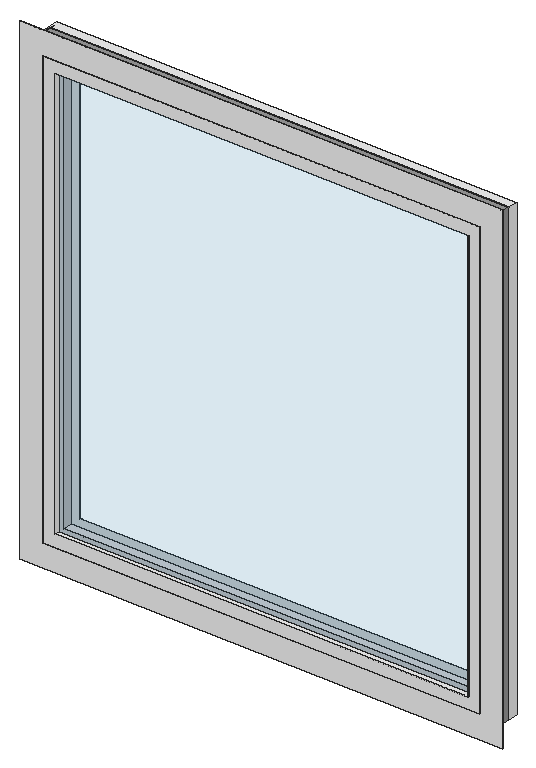
Revit family "Edge_TB42_H_Top_Hung_Standard", category Windows, host Wall, Revit 2014
Parameters (values of type "Casement_Sash_DG")
  Width Sash [instance] = 30 mm
  Width Sash Inner = 15 mm
  Width Bead = 15 mm
  Top Hung [instance] = yes
  Thermal Break Material = Rubber, Black
  Thermal Break Length = 16 mm
  Side Hung Right [instance] = yes
  Side Hung Left [instance] = yes
  Sash Opening Width [instance] = 600 mm
  Sash Opening Height [instance] = 600 mm
  Sash Lip = 15 mm
  Sash Leg [instance] = (Depth Sash - Thermal Break Length) / 2  # 13 mm
  SG Bead Leg = 6.683 mm
  Glazing Material [instance] = Glass
  Glazing Offset = 5 mm
  DG Start Piece 2 [instance] = DG End Piece 1 + DG Gasket Thickness  # 24.158 mm
  DG Start Peice 1 [instance] = ((Depth Sash - (2 * DG Glazing Thickness) - DG Gasket Thickness) / 2) - (SG Bead Leg - Aluminium Thickness) / 2  # 5.758 mm
  DG Glazing Thickness [instance] = 6.4 mm
  DG Gasket Thickness = 12 mm  # constant formula
  DG Gasket Material [instance] = none
  Depth Sash [instance] = 42 mm
  DG End Piece 2 [instance] = DG Start Piece 2 + DG Glazing Thickness  # 30.558 mm
  DG End Piece 1 [instance] = DG Start Peice 1 + DG Glazing Thickness  # 12.158 mm
  Center Vertical Sash [instance] = Sash Opening Height / 2  # 300 mm
  Center Horizontal Sash [instance] = Sash Opening Width / 2  # 300 mm
  Bottom Hung [instance] = yes
  Bead Offset = 15 mm
  Aluminium Thickness = 1 mm
  Aluminium Material [instance] = White Powder Coated Aluminium
Reference planes
  plane 1 "Center (Front/Back)": y = 0
  plane 2: z = 0
  plane 3 "Center (Left/Right)": x = 0
Forms (mm)
  Sweep 1, solid, material "White Powder Coated Aluminium" <- "Aluminium Material"
    path origin (16.177, 0, 121.331) x (1, 0, 0) y (0, 0, 1)
      loop
        line (0, 0) -> (600, 0) -> (600, 600) -> (0, 600) -> (0, 0)
    profile origin (316.177, 0, 121.331) x (0, 0, 1) y (0, -1, 0)
      loop
        line (0, 0) -> (30, 0) -> (30, 1) -> (15, 1) -> (15, 13) -> (14, 13) -> (14, 1) -> (1, 1) -> (1, 13) -> (0, 13) -> (0, 0)
      loop
        line (15, 42) -> (-15, 42) -> (-15, 41) -> (0, 41) -> (0, 29) -> (1, 29) -> (1, 41) -> (14, 41) -> (14, 29) -> (15, 29) -> (15, 42)
  Sweep 2, solid, material "White Powder Coated Aluminium" <- "Aluminium Material"
    path origin (0, 0, 0) x (1, 0, 0) y (0, 0, 1)
      loop
        line (31.177, 706.331) -> (31.177, 136.331) -> (601.177, 136.331) -> (601.177, 706.331) -> (31.177, 706.331)
    profile origin (316.177, 0, 706.331) x (0, 0, 1) y (0, -1, 0)
      loop
        line (0, 41) -> (0, 42) -> (-15, 42) -> (-15, 35.317) -> (-14, 35.317) -> (-14, 41) -> (0, 41)
  Extrusion 3, solid, material "Glass" <- "Glazing Material"
    sketch origin (0, 0, 0) x (1, 0, 0) y (0, 0, 1)
      loop
        line (36.177, 701.331) -> (36.177, 141.331) -> (596.177, 141.331) -> (596.177, 701.331) -> (36.177, 701.331)
    from 5.758 <- "DG Start Peice 1" to 12.158 <- "DG End Piece 1"
  Extrusion 4, solid, material "Glass" <- "Glazing Material"
    sketch origin (0, 0, 0) x (1, 0, 0) y (0, 0, 1)
      loop
        line (36.177, 701.331) -> (36.177, 141.331) -> (596.177, 141.331) -> (596.177, 701.331) -> (36.177, 701.331)
    from 30.558 <- "DG End Piece 2" to 24.158 <- "DG Start Piece 2"
  Sweep 5, solid, material <- "DG Gasket Material"
    path origin (0, -12.158, 0) x (1, 0, 0) y (0, 0, 1)
      loop
        line (36.177, 701.331) -> (36.177, 141.331) -> (596.177, 141.331) -> (596.177, 701.331) -> (36.177, 701.331)
    profile origin (316.177, -12.158, 701.331) x (0, 0, 1) y (0, -1, 0)
      loop
        line (0, 0) -> (0, 12) -> (-7.96, 12) -> (-7.96, 0) -> (0, 0)
  Sweep 6, solid, material "Rubber, Black" <- "Thermal Break Material"
    path origin (16.177, -13, 121.331) x (1, 0, 0) y (0, 0, 1)
      loop
        line (-15, 615) -> (-15, -15) -> (615, -15) -> (615, 615) -> (-15, 615)
    profile origin (316.177, -13, 736.331) x (0, 0, 1) y (0, -1, 0)
      loop
        line (-15, 16) -> (-16, 16) -> (-16, 0) -> (-15, 0) -> (-15, 16)
      loop
        line (-29, 16) -> (-30, 16) -> (-30, 0) -> (-29, 0) -> (-29, 16)
Lines and regions (mm)
  model lines
    curve 1: line (1.177, -42, 736.331) -> (31.177, -42, 706.331)
    curve 2: line (601.177, -42, 706.331) -> (631.177, -42, 736.331)
    curve 3: line (601.177, -42, 136.331) -> (631.177, -42, 106.331)
    curve 4: line (1.177, -42, 106.331) -> (31.177, -42, 136.331)
    curve 5: line (631.177, -41, 736.331) -> (616.177, -41, 721.331)
    curve 6: line (1.177, -41, 736.331) -> (16.177, -41, 721.331)
    curve 7: line (1.177, -41, 106.331) -> (16.177, -41, 121.331)
    curve 8: line (631.177, -41, 106.331) -> (616.177, -41, 121.331)
    curve 9: line (616.177, 0, 121.331) -> (586.177, 0, 151.331)
    curve 10: line (46.177, 0, 151.331) -> (16.177, 0, 121.331)
    curve 11: line (616.177, 0, 721.331) -> (586.177, 0, 691.331)
    curve 12: line (46.177, 0, 691.331) -> (16.177, 0, 721.331)
    curve 13: line (31.177, -42, 691.331) -> (46.177, -42, 691.331)
    curve 14: line (586.177, -42, 691.331) -> (601.177, -42, 691.331)
    curve 15: line (586.177, -42, 151.331) -> (601.177, -42, 151.331)
    curve 16: line (31.177, -42, 151.331) -> (46.177, -42, 151.331)
  model lines, style "GenericModelHiddenLines", visible <- "Top Hung"
    curve 17: line (46.386, -30.558, 690.602) -> (316.177, -30.558, 151.331)
    curve 18: line (316.177, -30.558, 151.331) -> (586.177, -30.558, 691.018)
  model lines, style "GenericModelHiddenLines", visible <- "Bottom Hung"
    curve 19: line (46.177, -30.558, 151.331) -> (316.177, -30.558, 691.018)
    curve 20: line (316.177, -30.558, 691.018) -> (586.177, -30.558, 151.331)
  model lines, style "GenericModelHiddenLines", visible <- "Side Hung Left"
    curve 21: line (46.386, -30.558, 690.602) -> (585.24, -30.558, 421.331)
    curve 22: line (585.24, -30.558, 421.331) -> (46.177, -30.558, 151.331)
  model lines, style "GenericModelHiddenLines", visible <- "Side Hung Right"
    curve 23: line (586.177, -30.558, 691.018) -> (46.177, -30.558, 421.331)
    curve 24: line (46.177, -30.558, 421.331) -> (586.177, -30.558, 151.331)
Dimensions and locks
  "Aluminium Thickness": Sweep 1 sketch curve to Sweep 1 sketch curve  (x6)
  "Depth Sash": Sweep 1 sketch curve to Sweep 1 sketch curve
  "Sash Opening Width": Sweep 1 to Sweep 1
  "Sash Opening Height": Sweep 1 to Sweep 1
  "Width Sash": Sweep 1 sketch curve to Sweep 1 sketch curve  (x2)
  "Width Sash Inner": Sweep 1 sketch curve to Sweep 1 sketch curve
  "Sash Lip": Sweep 1 sketch curve to Sweep 1 sketch curve
  "Glazing Offset": Sweep 2 to Extrusion 3 sketch curve  (x3)
  "Glazing Offset": Extrusion 3 sketch curve to Sweep 2
  Sweep 1 to Sweep 1 = 1 mm
  "Width Bead": Sweep 2 sketch curve to Sweep 2 sketch curve
  locked: Sweep 5 sketch curve to Sweep 5 sketch curve at 7.96
  "Center Horizontal Sash": Sweep 1 to curve 18
  "Center Horizontal Sash": Sweep 1 to curve 20
  "Center Vertical Sash": Sweep 1 to curve 22
  "Center Vertical Sash": Sweep 1 to curve 24
  "Sash Leg": Sweep 1 sketch curve to Sweep 1 sketch curve
  "Aluminium Thickness": Sweep 2 sketch curve to Sweep 2 sketch curve  (x2)
  "SG Bead Leg": Sweep 2 sketch curve to Sweep 2 sketch curve
  aligned and locked: level to plane 2
  aligned and locked: Sweep 1 sketch curve to Sweep 1 sketch curve  (x3)
  aligned and locked: Sweep 2 sketch curve to Sweep 1  (x4)
  aligned and locked: Sweep 1 to Sweep 2 sketch curve  (x2)
  aligned and locked: Extrusion 4 sketch curve to Extrusion 3  (x4)
  aligned and locked: Sweep 5 sketch curve to Extrusion 3  (x5)
  aligned and locked: Extrusion 3 to Sweep 5 sketch curve
  aligned and locked: Sweep 6 sketch curve to Sweep 1  (x10)
  aligned and locked: Sweep 1 to Sweep 6 sketch curve  (x2)
Automatic sketch dimensions
  plane 3 "Center (Left/Right)" to Sweep 1 sketch curve = 16.177 mm
  level to Sweep 1 sketch curve = 121.331 mm
  plane 3 "Center (Left/Right)" to Sweep 1 sketch curve = 616.177 mm
  level to Sweep 1 sketch curve = 721.331 mm
  profile plane to Sweep 5 sketch curve = 12 mm
  curve 7 to Sweep 1 = 0 mm  (x4)
  curve 6 to Sweep 1 = 0 mm  (x3)
  Sweep 1 to curve 6 = 0 mm
  curve 5 to Sweep 1 = 0 mm  (x3)
  curve 8 to Sweep 1 = 0 mm  (x4)
  Sweep 1 to curve 5 = 0 mm
  curve 16 to Sweep 2 = 0 mm  (x3)
  curve 13 to Sweep 2 = 0 mm  (x3)
  curve 15 to Sweep 2 = 0 mm
  Sweep 2 to curve 15 = 0 mm  (x2)
  curve 14 to Sweep 2 = 0 mm  (x2)
  Sweep 2 to curve 14 = 0 mm
  curve 1 to Sweep 1 = 0 mm  (x4)
  curve 4 to Sweep 1 = 0 mm  (x4)
  curve 2 to Sweep 1 = 0 mm  (x4)
  curve 3 to Sweep 1 = 0 mm  (x2)
  Sweep 1 to curve 3 = 0 mm  (x2)
  curve 10 to Sweep 1 = 0 mm  (x4)
  curve 12 to Sweep 1 = 0 mm  (x2)
  Sweep 1 to curve 12 = 0 mm  (x2)
  curve 11 to Sweep 1 = 0 mm  (x4)
  curve 9 to Sweep 1 = 0 mm  (x4)
  profile plane to Sweep 1 sketch curve = 0 mm  (x2)
  Sweep 1 sketch curve to plane 1 "Center (Front/Back)" = 0 mm
  Sweep 1 sketch curve to Sweep 1 sketch curve = 13 mm
  Sweep 1 sketch curve to Sweep 1 sketch curve = 12 mm  (x2)
  curve 21 to Extrusion 4 = 10.208 mm
  curve 19 to Extrusion 4 = 10 mm
  curve 23 to Extrusion 4 = 10 mm  (x2)
  curve 22 to Extrusion 4 = 10.937 mm
  curve 20 to Extrusion 4 = 10 mm
  curve 24 to Extrusion 4 = 10 mm
  curve 22 to Extrusion 4 = 10 mm
  curve 18 to Extrusion 4 = 10 mm
  curve 21 to Extrusion 4 = 10.729 mm
  curve 19 to Extrusion 4 = 10.312 mm
  curve 18 to Extrusion 4 = 10.312 mm
Types in the file's own list only (12): name | Windload Design | Width Sash Opening | Width Sash 2 | Width Sash 1 | Width Profile | Width Panel 3 | Width Panel 2 | Width Panel 1 | Width | URL | Max System DG Unit Thickness | Max System DG One Piece Thickness | Max Pane Area | Intruderprufe U Value | Intruderprufe SHGC Value | Intruderprufe LowE U Value | Intruderprufe LowE SHGC Value | Intruderprufe Insulated U Value | Intruderprufe Insulated SHGC Value | Intruderprufe Insulated LowE U Value | Intruderprufe Insulated LowE SHGC Value | Height | Energy Advantage U Value | Energy Advantage SHGC Value | DG Thickness Calc | Custom Window Width | Custom Window Height | Custom Windload | Sash Width | Custom Sash Bottom Height | Custom Sash Top Height | Sash Spacing Inner | Sash Overlap | Sash Center Offset | SG Gasket Thickness | Offset Window Exterior | Offset Sash Left | Offset Sash 2 Top | Offset Sash 1 Top | Offset Panel 4 Left | Offset Panel 3 Bead Top | Offset Mullion Left | Offset Transom 2 Top | Offset Transom 1 Top | Offset Bead SG Center Reversed | Model | Manufacturer | Limit Window Width Min | Limit Window Width Max | Limit Window Height Min | Limit Window Height Max | Limit Sash Width Min | Limit Sash Width Max | Limit Sash Height Min | Limit Sash Height Max | Limit Fixed Pane Height Min | Limit Fixed Pane Height Max | Length Transom | Height Sash 2 Opening | Height Sash 2 | Height Sash 1 Opening | Height Sash 1 | Height Panel 3 | Height Panel 2 | Height Panel 1 | Description | Frame Center Offset | Depth Bead | Default Sill Height | Wall Closure | DG Gasket Finish | DG Extrusion Start | Window Exterior Offset | Clearvue U Value | Clearvue SHGC Value | Clearvue Insulated U Value | Clearvue Insulated SHGC Value | Clearvue Insulated LowE U Value | Clearvue Insulated LowE SHGC Value | Casement Dimension | Bottom Hung | Bead SG Gap | Area Pane Top | Area Pane Middle | Area Pane Bottom
  EDGE-0615DT-1000Pa | 1000 mm | 544 mm | 514 mm | 514 mm | 30 mm | 530 mm | 530 mm | 530 mm | 590 mm | "http://www.crealco.co.za/crealco-products.php" | 25 mm | 6 mm | 0.23 m² | 5.06 | 0.435 | 4.04 | 0.393 | 3.18 | 0.391 | 2.78 | 0.354 | 1490 mm | 4.04 | 0.419 | 4 mm | 590 mm | 1490 mm | 1000 mm | 544 mm | 554 mm | 554 mm | 8 mm | 7 mm | 18 mm | 6 mm | 21 mm | 23 mm | 593 mm | 23 mm | 589 mm | 1170 mm | 559 mm | 1140 mm | 570 mm | 21 mm | "Edge" | "Crealco" | 346 mm | 1546 mm | 1400 mm | 3000 mm | 300 mm | 1500 mm | 300 mm | 1200 mm | 200 mm | 1800 mm | 530 mm | 554 mm | 524 mm | 554 mm | 524 mm | 290 mm | 540 mm | 540 mm | "Thermal break casement windows (42mm), Type H top hung" | 21 mm | 28 mm | 800 mm | By host | Double Glazing Gasket Material | 11 mm | 0 mm | 5.14 | 0.467 | 3.22 | 0.427 | 2.82 | 0.389 | 42 mm | No | 13 mm | 0.23 m² | 0.23 m² | 0.15 m²
  EDGE-0915DT-1000Pa | 1000 mm | 844 mm | 814 mm | 814 mm | 30 mm | 830 mm | 830 mm | 830 mm | 890 mm | "http://www.crealco.co.za/crealco-products.php" | 25 mm | 6 mm | 0.37 m² | 5.17 | 0.487 | 3.99 | 0.439 | 3.11 | 0.434 | 2.66 | 0.392 | 1490 mm | 3.99 | 0.469 | 4 mm | 890 mm | 1490 mm | 1000 mm | 844 mm | 554 mm | 554 mm | 8 mm | 7 mm | 18 mm | 6 mm | 21 mm | 23 mm | 593 mm | 23 mm | 889 mm | 1170 mm | 859 mm | 1140 mm | 570 mm | 21 mm | "Edge" | "Crealco" | 346 mm | 1546 mm | 1400 mm | 3000 mm | 300 mm | 1500 mm | 300 mm | 1200 mm | 200 mm | 1800 mm | 830 mm | 554 mm | 524 mm | 554 mm | 524 mm | 290 mm | 540 mm | 540 mm | "Thermal break casement windows (42mm), Type H top hung" | 21 mm | 28 mm | 800 mm | By host | Double Glazing Gasket Material | 11 mm | 0 mm | 5.25 | 0.523 | 3.15 | 0.474 | 2.7 | 0.431 | 42 mm | No | 13 mm | 0.37 m² | 0.37 m² | 0.23 m²
  EDGE-0618DT-1000Pa | 1000 mm | 544 mm | 514 mm | 514 mm | 30 mm | 530 mm | 530 mm | 530 mm | 590 mm | "http://www.crealco.co.za/crealco-products.php" | 25 mm | 6 mm | 0.30 m² | 5.14 | 0.473 | 4.01 | 0.426 | 3.13 | 0.424 | 2.69 | 0.384 | 1790 mm | 4.01 | 0.455 | 4 mm | 590 mm | 1790 mm | 1000 mm | 544 mm | 554 mm | 554 mm | 8 mm | 7 mm | 18 mm | 6 mm | 21 mm | 23 mm | 593 mm | 23 mm | 589 mm | 1170 mm | 559 mm | 1140 mm | 570 mm | 21 mm | "Edge" | "Crealco" | 346 mm | 1546 mm | 1400 mm | 3000 mm | 300 mm | 1500 mm | 300 mm | 1200 mm | 200 mm | 1800 mm | 530 mm | 554 mm | 524 mm | 554 mm | 524 mm | 590 mm | 540 mm | 540 mm | "Thermal break casement windows (42mm), Type H top hung" | 21 mm | 28 mm | 800 mm | By host | Double Glazing Gasket Material | 11 mm | 0 mm | 5.23 | 0.508 | 3.17 | 0.463 | 2.73 | 0.421 | 42 mm | No | 13 mm | 0.23 m² | 0.23 m² | 0.30 m²
  EDGE-0918DT-1000Pa | 1000 mm | 844 mm | 814 mm | 814 mm | 30 mm | 830 mm | 830 mm | 830 mm | 890 mm | "http://www.crealco.co.za/crealco-products.php" | 25 mm | 6 mm | 0.48 m² | 5.24 | 0.525 | 3.96 | 0.47 | 3.06 | 0.466 | 2.57 | 0.42 | 1790 mm | 3.97 | 0.503 | 4 mm | 890 mm | 1790 mm | 1000 mm | 844 mm | 554 mm | 554 mm | 8 mm | 7 mm | 18 mm | 6 mm | 21 mm | 23 mm | 593 mm | 23 mm | 889 mm | 1170 mm | 859 mm | 1140 mm | 570 mm | 21 mm | "Edge" | "Crealco" | 346 mm | 1546 mm | 1400 mm | 3000 mm | 300 mm | 1500 mm | 300 mm | 1200 mm | 200 mm | 1800 mm | 830 mm | 554 mm | 524 mm | 554 mm | 524 mm | 590 mm | 540 mm | 540 mm | "Thermal break casement windows (42mm), Type H top hung" | 21 mm | 28 mm | 800 mm | By host | Double Glazing Gasket Material | 11 mm | 0 mm | 5.33 | 0.562 | 3.1 | 0.507 | 2.61 | 0.462 | 42 mm | No | 13 mm | 0.37 m² | 0.37 m² | 0.48 m²
  EDGE-0615DT-1500Pa | 1500 mm | 544 mm | 514 mm | 514 mm | 30 mm | 530 mm | 530 mm | 530 mm | 590 mm | "http://www.crealco.co.za/crealco-products.php" | 25 mm | 6 mm | 0.23 m² | 5.06 | 0.435 | 4.04 | 0.393 | 3.18 | 0.391 | 2.78 | 0.354 | 1490 mm | 4.04 | 0.419 | 4 mm | 590 mm | 1490 mm | 1500 mm | 544 mm | 554 mm | 554 mm | 8 mm | 7 mm | 18 mm | 6 mm | 21 mm | 23 mm | 593 mm | 23 mm | 589 mm | 1170 mm | 559 mm | 1140 mm | 570 mm | 21 mm | "Edge" | "Crealco" | 346 mm | 1546 mm | 1400 mm | 3000 mm | 300 mm | 1500 mm | 300 mm | 1200 mm | 200 mm | 1800 mm | 530 mm | 554 mm | 524 mm | 554 mm | 524 mm | 290 mm | 540 mm | 540 mm | "Thermal break casement windows (42mm), Type H top hung" | 21 mm | 28 mm | 800 mm | By host | Double Glazing Gasket Material | 11 mm | 0 mm | 5.14 | 0.467 | 3.22 | 0.427 | 2.82 | 0.389 | 42 mm | No | 13 mm | 0.23 m² | 0.23 m² | 0.15 m²
  EDGE-0615DT-2000Pa | 2000 mm | 544 mm | 514 mm | 514 mm | 30 mm | 530 mm | 530 mm | 530 mm | 590 mm | "http://www.crealco.co.za/crealco-products.php" | 25 mm | 6 mm | 0.23 m² | 5.06 | 0.435 | 4.04 | 0.393 | 3.18 | 0.391 | 2.78 | 0.354 | 1490 mm | 4.04 | 0.419 | 4 mm | 590 mm | 1490 mm | 2000 mm | 544 mm | 554 mm | 554 mm | 8 mm | 7 mm | 18 mm | 6 mm | 21 mm | 23 mm | 593 mm | 23 mm | 589 mm | 1170 mm | 559 mm | 1140 mm | 570 mm | 21 mm | "Edge" | "Crealco" | 346 mm | 1546 mm | 1400 mm | 3000 mm | 300 mm | 1500 mm | 300 mm | 1200 mm | 200 mm | 1800 mm | 530 mm | 554 mm | 524 mm | 554 mm | 524 mm | 290 mm | 540 mm | 540 mm | "Thermal break casement windows (42mm), Type H top hung" | 21 mm | 28 mm | 800 mm | By host | Double Glazing Gasket Material | 11 mm | 0 mm | 5.14 | 0.467 | 3.22 | 0.427 | 2.82 | 0.389 | 42 mm | No | 13 mm | 0.23 m² | 0.23 m² | 0.15 m²
  EDGE-0915DT-1500Pa | 1500 mm | 844 mm | 814 mm | 814 mm | 30 mm | 830 mm | 830 mm | 830 mm | 890 mm | "http://www.crealco.co.za/crealco-products.php" | 25 mm | 6 mm | 0.37 m² | 5.17 | 0.487 | 3.99 | 0.439 | 3.11 | 0.434 | 2.66 | 0.392 | 1490 mm | 3.99 | 0.469 | 4 mm | 890 mm | 1490 mm | 1500 mm | 844 mm | 554 mm | 554 mm | 8 mm | 7 mm | 18 mm | 6 mm | 21 mm | 23 mm | 593 mm | 23 mm | 889 mm | 1170 mm | 859 mm | 1140 mm | 570 mm | 21 mm | "Edge" | "Crealco" | 346 mm | 1546 mm | 1400 mm | 3000 mm | 300 mm | 1500 mm | 300 mm | 1200 mm | 200 mm | 1800 mm | 830 mm | 554 mm | 524 mm | 554 mm | 524 mm | 290 mm | 540 mm | 540 mm | "Thermal break casement windows (42mm), Type H top hung" | 21 mm | 28 mm | 800 mm | By host | Double Glazing Gasket Material | 11 mm | 0 mm | 5.25 | 0.523 | 3.15 | 0.474 | 2.7 | 0.431 | 42 mm | No | 13 mm | 0.37 m² | 0.37 m² | 0.23 m²
  EDGE-0915DT-2000Pa | 2000 mm | 844 mm | 814 mm | 814 mm | 30 mm | 830 mm | 830 mm | 830 mm | 890 mm | "http://www.crealco.co.za/crealco-products.php" | 25 mm | 6 mm | 0.37 m² | 5.17 | 0.487 | 3.99 | 0.439 | 3.11 | 0.434 | 2.66 | 0.392 | 1490 mm | 3.99 | 0.469 | 4 mm | 890 mm | 1490 mm | 2000 mm | 844 mm | 554 mm | 554 mm | 8 mm | 7 mm | 18 mm | 6 mm | 21 mm | 23 mm | 593 mm | 23 mm | 889 mm | 1170 mm | 859 mm | 1140 mm | 570 mm | 21 mm | "Edge" | "Crealco" | 346 mm | 1546 mm | 1400 mm | 3000 mm | 300 mm | 1500 mm | 300 mm | 1200 mm | 200 mm | 1800 mm | 830 mm | 554 mm | 524 mm | 554 mm | 524 mm | 290 mm | 540 mm | 540 mm | "Thermal break casement windows (42mm), Type H top hung" | 21 mm | 28 mm | 800 mm | By host | Double Glazing Gasket Material | 11 mm | 0 mm | 5.25 | 0.523 | 3.15 | 0.474 | 2.7 | 0.431 | 42 mm | No | 13 mm | 0.37 m² | 0.37 m² | 0.23 m²
  EDGE-0618DT-1500Pa | 1500 mm | 544 mm | 514 mm | 514 mm | 30 mm | 530 mm | 530 mm | 530 mm | 590 mm | "http://www.crealco.co.za/crealco-products.php" | 25 mm | 6 mm | 0.30 m² | 5.14 | 0.473 | 4.01 | 0.426 | 3.13 | 0.424 | 2.69 | 0.384 | 1790 mm | 4.01 | 0.455 | 4 mm | 590 mm | 1790 mm | 1500 mm | 544 mm | 554 mm | 554 mm | 8 mm | 7 mm | 18 mm | 6 mm | 21 mm | 23 mm | 593 mm | 23 mm | 589 mm | 1170 mm | 559 mm | 1140 mm | 570 mm | 21 mm | "Edge" | "Crealco" | 346 mm | 1546 mm | 1400 mm | 3000 mm | 300 mm | 1500 mm | 300 mm | 1200 mm | 200 mm | 1800 mm | 530 mm | 554 mm | 524 mm | 554 mm | 524 mm | 590 mm | 540 mm | 540 mm | "Thermal break casement windows (42mm), Type H top hung" | 21 mm | 28 mm | 800 mm | By host | Double Glazing Gasket Material | 11 mm | 0 mm | 5.23 | 0.508 | 3.17 | 0.463 | 2.73 | 0.421 | 42 mm | No | 13 mm | 0.23 m² | 0.23 m² | 0.30 m²
  EDGE-0618DT-2000Pa | 2000 mm | 544 mm | 514 mm | 514 mm | 30 mm | 530 mm | 530 mm | 530 mm | 590 mm | "http://www.crealco.co.za/crealco-products.php" | 25 mm | 6 mm | 0.30 m² | 5.14 | 0.473 | 4.01 | 0.426 | 3.13 | 0.424 | 2.69 | 0.384 | 1790 mm | 4.01 | 0.455 | 4 mm | 590 mm | 1790 mm | 2000 mm | 544 mm | 554 mm | 554 mm | 8 mm | 7 mm | 18 mm | 6 mm | 21 mm | 23 mm | 593 mm | 23 mm | 589 mm | 1170 mm | 559 mm | 1140 mm | 570 mm | 21 mm | "Edge" | "Crealco" | 346 mm | 1546 mm | 1400 mm | 3000 mm | 300 mm | 1500 mm | 300 mm | 1200 mm | 200 mm | 1800 mm | 530 mm | 554 mm | 524 mm | 554 mm | 524 mm | 590 mm | 540 mm | 540 mm | "Thermal break casement windows (42mm), Type H top hung" | 21 mm | 28 mm | 800 mm | By host | Double Glazing Gasket Material | 11 mm | 0 mm | 5.23 | 0.508 | 3.17 | 0.463 | 2.73 | 0.421 | 42 mm | No | 13 mm | 0.23 m² | 0.23 m² | 0.30 m²
  EDGE-0918DT-1500Pa | 1500 mm | 844 mm | 814 mm | 814 mm | 30 mm | 830 mm | 830 mm | 830 mm | 890 mm | "http://www.crealco.co.za/crealco-products.php" | 25 mm | 6 mm | 0.48 m² | 5.24 | 0.525 | 3.96 | 0.47 | 3.06 | 0.466 | 2.57 | 0.42 | 1790 mm | 3.97 | 0.503 | 4 mm | 890 mm | 1790 mm | 1500 mm | 844 mm | 554 mm | 554 mm | 8 mm | 7 mm | 18 mm | 6 mm | 21 mm | 23 mm | 593 mm | 23 mm | 889 mm | 1170 mm | 859 mm | 1140 mm | 570 mm | 21 mm | "Edge" | "Crealco" | 346 mm | 1546 mm | 1400 mm | 3000 mm | 300 mm | 1500 mm | 300 mm | 1200 mm | 200 mm | 1800 mm | 830 mm | 554 mm | 524 mm | 554 mm | 524 mm | 590 mm | 540 mm | 540 mm | "Thermal break casement windows (42mm), Type H top hung" | 21 mm | 28 mm | 800 mm | By host | Double Glazing Gasket Material | 11 mm | 0 mm | 5.33 | 0.562 | 3.1 | 0.507 | 2.61 | 0.462 | 42 mm | No | 13 mm | 0.37 m² | 0.37 m² | 0.48 m²
  EDGE-0918DT-2000Pa | 2000 mm | 844 mm | 814 mm | 814 mm | 30 mm | 830 mm | 830 mm | 830 mm | 890 mm | "http://www.crealco.co.za/crealco-products.php" | 25 mm | 6 mm | 0.48 m² | 5.24 | 0.525 | 3.96 | 0.47 | 3.06 | 0.466 | 2.57 | 0.42 | 1790 mm | 3.97 | 0.503 | 4 mm | 890 mm | 1790 mm | 2000 mm | 844 mm | 554 mm | 554 mm | 8 mm | 7 mm | 18 mm | 6 mm | 21 mm | 23 mm | 593 mm | 23 mm | 889 mm | 1170 mm | 859 mm | 1140 mm | 570 mm | 21 mm | "Edge" | "Crealco" | 346 mm | 1546 mm | 1400 mm | 3000 mm | 300 mm | 1500 mm | 300 mm | 1200 mm | 200 mm | 1800 mm | 830 mm | 554 mm | 524 mm | 554 mm | 524 mm | 590 mm | 540 mm | 540 mm | "Thermal break casement windows (42mm), Type H top hung" | 21 mm | 28 mm | 800 mm | By host | Double Glazing Gasket Material | 11 mm | 0 mm | 5.33 | 0.562 | 3.1 | 0.507 | 2.61 | 0.462 | 42 mm | No | 13 mm | 0.37 m² | 0.37 m² | 0.48 m²
